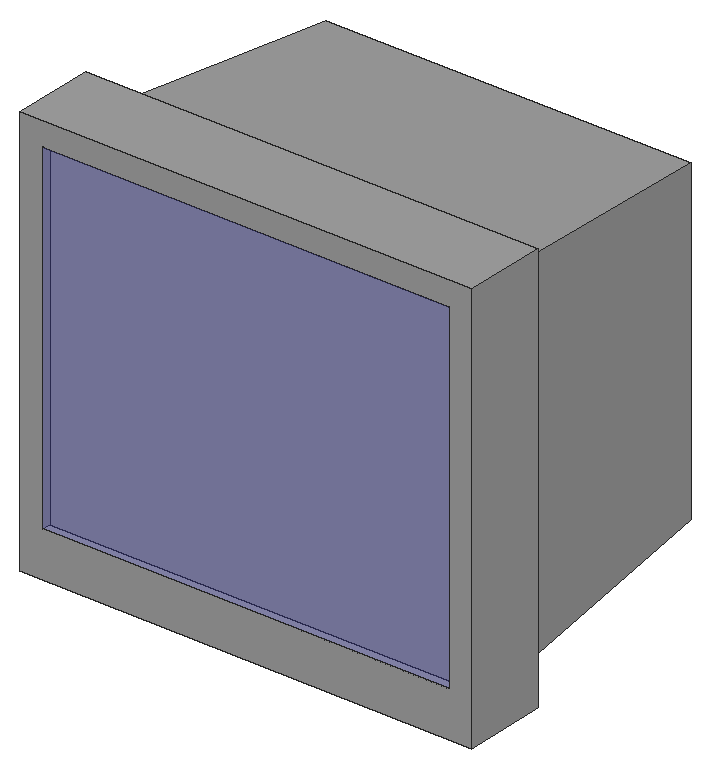
Revit family
Parameters (values of type "754mm Width")
  Material = Plastic - Gray
  Depth = 546.00 mm
  Height = 686.00 mm
  Width = 754.00 mm
Types (5, lengths in mm): name | Depth | Height | Width
  (no name) | 546.00 | 686.00 | 754.00
  648mm Width | 513.00 | 595.00 | 648.00
  520mm Width | 468.00 | 445.00 | 520.00
  754mm Width | 546.00 | 686.00 | 754.00
  935mm Width | 635.00 | 825.00 | 935.00
Reference planes
  plane 1 "Center (Front/Back)": y = 0
  plane 2: z = 0
  plane 3 "Center (Left/Right)": x = 0
  plane 4: z = 686
  plane 5: y = -349.25
  plane 6: x = 377
  plane 7: x = -377
  plane 8: y = -212.75
  plane 9: x = -338.9
  plane 10: x = 338.9
  plane 11: x = -303.975
  plane 12: x = 303.975
  plane 13: z = 38.1
  plane 14: z = 76.2
  plane 15: z = 647.106
  plane 16: z = 609.006
  plane 17: y = 60.25
  plane 18: y = 196.75
  plane 19: y = -76.25
Forms (mm)
  Extrusion 1, solid, material "Plastic - Gray" <- "Material"
    sketch origin (0, 0, 0) x (1, 0, 0) y (0, 1, 0)
      loop
        line (-377, -212.75) -> (-377, -349.25) -> (377, -349.25) -> (377, -212.75) -> (-377, -212.75)
    from 0 to 686
  Blend 2, solid, material "Plastic - Gray" <- "Material"
    base sketch origin (-377, -349.25, 686) x (0, 0, -1) y (1, 0, 0)
      loop
        line (38.894, 38.1) -> (647.9, 38.1) -> (647.9, 715.9) -> (38.894, 715.9) -> (38.894, 38.1)
    top sketch origin (-377, -349.25, 686) x (0, 0, -1) y (1, 0, 0)
      loop
        line (76.994, 73.025) -> (609.8, 73.025) -> (609.8, 680.975) -> (76.994, 680.975) -> (76.994, 73.025)
    from -136.5 to -546
  Extrusion 3, void
    sketch origin (-377, -349.25, 686) x (0, 0, 1) y (1, 0, 0)
      loop
        line (-38.894, 38.1) -> (-38.894, 715.9) -> (-609.8, 715.9) -> (-609.8, 38.1) -> (-38.894, 38.1)
    from 0 to 14.728
  Extrusion 4, solid, material "Glass"
    sketch origin (-377, -349.25, 686) x (0, 0, -1) y (1, 0, 0)
      loop
        line (38.894, 38.1) -> (609.8, 38.1) -> (609.8, 715.9) -> (38.894, 715.9) -> (38.894, 38.1)
    from -14.728 to 0
Cuts and joins
  Extrusion 3 cuts Extrusion 1
  Extrusion 3 cuts Blend 2
Lines and regions (mm)
  model lines
    curve 1: line (-338.9, -349.25, 76.2) -> (338.9, -349.25, 76.2)
    curve 2: line (-338.9, -349.25, 647.106) -> (-338.9, -349.25, 76.2)
    curve 3: line (338.9, -349.25, 647.106) -> (-338.9, -349.25, 647.106)
    curve 4: line (338.9, -349.25, 76.2) -> (338.9, -349.25, 647.106)
  symbolic lines
    curve 5: line (376.898, -349.25, 0) -> (-377, -349.25, 0)
    curve 6: line (-377, -349.25, 0) -> (-377, -212.75, 0)
    curve 7: line (-377, -212.75, 0) -> (-338.9, -212.75, 0)
    curve 8: line (-338.9, -212.75, 0) -> (-303.975, 196.75, 0)
    curve 9: line (-303.975, 196.75, 0) -> (303.975, 196.75, 0)
    curve 10: line (303.975, 196.75, 0) -> (338.9, -212.75, 0)
    curve 11: line (338.9, -212.75, 0) -> (376.898, -215.537, 0)
    curve 12: line (376.898, -215.537, 0) -> (376.898, -349.25, 0)
Dimensions and locks
  "Width": plane 7 to plane 6
  "Height": plane 4 to plane 2
  equal spacing: plane 7, plane 3 "Center (Left/Right)", plane 6
  plane 9 to plane 10 = 677.80 mm
  "Depth": plane 5 to plane 18
  equal spacing: plane 5, plane 8, plane 19, plane 17, plane 18
  locked: plane 7 to plane 9 at 38.1
  locked: plane 10 to plane 6 at 38.1
  locked: plane 15 to plane 4 at 38.894
  locked: plane 2 to plane 13 at 38.1
  locked: plane 9 to plane 11 at 34.925
  locked: plane 12 to plane 10 at 34.925
  locked: plane 16 to plane 15 at 38.1
  locked: plane 13 to plane 14 at 38.1
  aligned and locked: Extrusion 1 to plane 4
  aligned and locked: plane 9 to curve 1
  aligned and locked: plane 14 to curve 1
  aligned and locked: Blend 2 sketch curve to curve 2
  aligned and locked: Blend 2 to plane 18
  aligned and locked: plane 8 to Blend 2
  aligned and locked: Extrusion 3 sketch curve to curve 2
  aligned and locked: curve 1 to Extrusion 3 sketch curve
  aligned and locked: Extrusion 3 sketch curve to curve 4
  aligned and locked: Extrusion 4 sketch curve to curve 2
  aligned and locked: Extrusion 4 sketch curve to cut or joined group of Extrusion 1, Extrusion 3
  aligned and locked: Extrusion 4 sketch curve to curve 4
  aligned and locked: Extrusion 4 to cut or joined group of Extrusion 1, Extrusion 3
  aligned and locked: plane 5 to Extrusion 4
Automatic sketch dimensions
  Extrusion 1 sketch curve to plane 5 = 0.00 mm
  Extrusion 1 sketch curve to plane 7 = 0.00 mm
  Extrusion 1 sketch curve to plane 6 = 0.00 mm
  Extrusion 1 sketch curve to plane 8 = 0.00 mm
  curve 5 to plane 5 = 0.00 mm
  curve 5 to plane 7 = 0.00 mm
  curve 7 to plane 8 = 0.00 mm
  curve 7 to plane 9 = 0.00 mm
  curve 9 to plane 11 = 0.00 mm
  curve 9 to plane 12 = 0.00 mm
  curve 10 to plane 8 = 0.00 mm
  curve 10 to plane 10 = 0.00 mm
  curve 10 to plane 18 = 0.00 mm
  curve 11 to plane 6 = 0.102 mm
  plane 8 to curve 12 = 2.787 mm
  curve 3 to plane 15 = 0.00 mm
  curve 3 to plane 10 = 0.00 mm
  Blend 2 sketch curve to plane 10 = 0.00 mm
  Blend 2 sketch curve to plane 15 = 0.00 mm
  Blend 2 sketch curve to plane 13 = 0.00 mm
  Blend 2 sketch curve to plane 12 = 0.00 mm
  Blend 2 sketch curve to plane 16 = 0.00 mm
  Blend 2 sketch curve to plane 11 = 0.00 mm
  Blend 2 sketch curve to plane 14 = 0.00 mm
  Extrusion 3 sketch curve to plane 15 = 0.00 mm
  Extrusion 4 sketch curve to plane 15 = 0.00 mm
